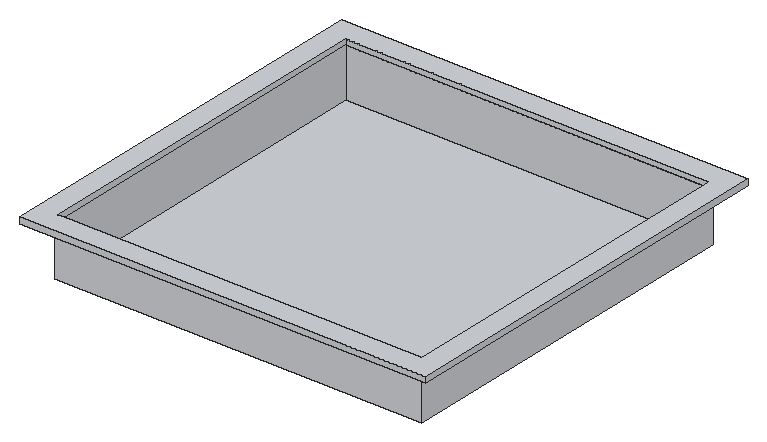
Revit family "Hager-FW-IP30-Without_Door-With_notch-vuoto-CH-it", category Electrical Equipment, host Face, Revit 2020
Family settings
  Host = Face
  Panel Configuration = Two Columns, Circuits Across
  Round Connector Dimension = Use Diameter
  Part Type = Panelboard
  Cut with Voids When Loaded = No
  Shared = No
  Room Calculation Point = No
Parameters (values of type "incassato IP30 L853 A853 P125 0 Unità di divisione - FWU53L")
  Width Control [instance] = if([HG000006 - Ad incasso], if([EF000846 - larghezza di montaggio] > min_whd, [EF000846 - larghezza di montaggio], min_whd), if([EF000008 - Larghezza] > min_whd, ([EF000008 - Larghezza]), min_whd))  # 810 mm
  Void Depth [instance] = if([HG000006 - Ad incasso], Depth Control, 1 mm)  # 112 mm
  Type Comments = [HG000003 - Gamma]  # "FW"
  System Height [instance] = Height Control - 2 * [HG000005 - Spessore]  # 796 mm
  Model = [HG000004 - Codice produttore]  # "FWU53L"
  HG000017 - Distanza tra i poli = 18 mm
  HG000016 - Visibilità delle porte nella vista 3D [instance] = yes
  HG000015 - Visibilità attraverso la porta [instance] = no
  HG000014 - Porta destra [instance] = yes
  HG000013 - Porta sinistra [instance] = not([HG000014 - Porta destra])  # no
  HG000012 - Angolo di apertura della porta [instance] = 45.00°
  HG000011 - File vuote nella parte basse = no
  HG000010 - Porte asimmetriche = no
  HG000009 - Porta doppia a battente = no
  HG000008 - Numero di file vuote = 0
  HG000007 - Numero di colonne vuote = 0
  HG000006 - Ad incasso = yes
  HG000005 - Spessore = 3 mm  # constant formula
  HG000004 - Codice produttore = "FWU53L"
  HG000003 - Gamma = "FW"
  HG000002 - Con porta = no
  HG000001 - Numero di colonne = 0
  EF015941 - Segnale di passaggio porta = no
  EF015777 - Morsettiera neutra = no
  EF015776 - Morsettiera di terra = no
  EF009212 - esecuzione coperchio = "EV009916 - con taglio"
  EF006306 - con serratura = no
  EF006244 - coperchio/porta trasparente = yes
  EF005474 - grado di protezione (IP) = "EV006410 - IP30"
  EF004462 - tipo di chiusura = "EV000154 - altri"
  EF002950 - Numero moduli DIN = 0
  EF001596 - Attacco Lampada = "EV000179 - acciaio"
  EF001134 - barra DIN = yes
  EF001131 - profondità interna = 112 mm
  EF001088 - possibilità di applicazione = yes
  EF001062 - esecuzione EMC = no
  EF000846 - larghezza di montaggio = 810 mm
  EF000339 - tipo di copertura = "EV000494 - senza"
  EF000332 - Altezza della parte incassata = 802 mm
  EF000266 - numero di file = 0
  EF000218 - profondità di incasso = 112 mm
  EF000118 - con piastra di montaggio = no
  EF000116 - numero RAL = ""
  EF000049 - profondità = 125 mm
  EF000040 - Altezza = 853 mm
  EF000008 - Larghezza = 853 mm
  EF000007 - colore = "EV000202 - bianco"
  EF000003 - Tipo di montaggio = "EV000128 - parete forata"
  Arrow Offset [instance] = Depth Control / 8  # 14 mm
  Arrow Height [instance] = Depth Control - Arrow Offset  # 98 mm
  Host Offset [instance] = if([HG000006 - Ad incasso], 0 mm, [EF000049 - profondità])  # 0 mm
  min_whd [instance] = (2 * [HG000005 - Spessore]) + 1 mm  # 7 mm
  Manufacturer = "Hager"  # constant formula
  Height Control [instance] = if([HG000006 - Ad incasso], if([EF000332 - Altezza della parte incassata] > min_whd, [EF000332 - Altezza della parte incassata], min_whd), if([EF000040 - Altezza] > min_whd, ([EF000040 - Altezza]), min_whd))  # 802 mm
  Flush Mounted - Door Frame Width [instance] = if(([EF000040 - Altezza] - [EF000332 - Altezza della parte incassata]) > 0 mm, if([HG000006 - Ad incasso], [EF000040 - Altezza] - [EF000332 - Altezza della parte incassata], 0 mm), 0 mm)  # 51 mm
  Depth Control [instance] = if([HG000006 - Ad incasso], if([EF000218 - profondità di incasso] > 0 mm, [EF000218 - profondità di incasso], 1 mm), if([EF000049 - profondità] > 0 mm, ([EF000049 - profondità]), 1 mm))  # 112 mm
  Default Elevation = 0 mm
Types (16, lengths in mm): name | Width Control | System Height | Model | HG000004 - Codice produttore | EF000846 - larghezza di montaggio | EF000332 - Altezza della parte incassata | EF000040 - Altezza | EF000008 - Larghezza | Height Control
  incassato IP30 L353 A1003 P125 0 Unità di divisione - FWU61L | 310 | 946 | "FWU61L" | "FWU61L" | 310 | 952 | 1003 | 353 | 952
  incassato IP30 L353 A1153 P125 0 Unità di divisione - FWU71L | 310 | 1096 | "FWU71L" | "FWU71L" | 310 | 1102 | 1153 | 353 | 1102
  incassato IP30 L353 A1303 P125 0 Unità di divisione - FWU81L | 310 | 1246 | "FWU81L" | "FWU81L" | 310 | 1252 | 1303 | 353 | 1252
  incassato IP30 L353 A553 P125 0 Unità di divisione - FWU31L | 310 | 496 | "FWU31L" | "FWU31L" | 310 | 502 | 553 | 353 | 502
  incassato IP30 L353 A703 P125 0 Unità di divisione - FWU41L | 310 | 646 | "FWU41L" | "FWU41L" | 310 | 652 | 703 | 353 | 652
  incassato IP30 L353 A853 P125 0 Unità di divisione - FWU51L | 310 | 796 | "FWU51L" | "FWU51L" | 310 | 802 | 853 | 353 | 802
  incassato IP30 L603 A1003 P125 0 Unità di divisione - FWU62L | 560 | 946 | "FWU62L" | "FWU62L" | 560 | 952 | 1003 | 603 | 952
  incassato IP30 L603 A1153 P125 0 Unità di divisione - FWU72L | 560 | 1096 | "FWU72L" | "FWU72L" | 560 | 1102 | 1153 | 603 | 1102
  incassato IP30 L603 A553 P125 0 Unità di divisione - FWU32L | 560 | 496 | "FWU32L" | "FWU32L" | 560 | 502 | 553 | 603 | 502
  incassato IP30 L603 A703 P125 0 Unità di divisione - FWU42L | 560 | 646 | "FWU42L" | "FWU42L" | 560 | 652 | 703 | 603 | 652
  incassato IP30 L603 A853 P125 0 Unità di divisione - FWU52L | 560 | 796 | "FWU52L" | "FWU52L" | 560 | 802 | 853 | 603 | 802
  incassato IP30 L853 A1003 P125 0 Unità di divisione - FWU63L | 810 | 946 | "FWU63L" | "FWU63L" | 810 | 952 | 1003 | 853 | 952
  incassato IP30 L853 A1153 P125 0 Unità di divisione - FWU73L | 810 | 1096 | "FWU73L" | "FWU73L" | 810 | 1102 | 1153 | 853 | 1102
  incassato IP30 L853 A553 P125 0 Unità di divisione - FWU33L | 810 | 496 | "FWU33L" | "FWU33L" | 810 | 502 | 553 | 853 | 502
  incassato IP30 L853 A703 P125 0 Unità di divisione - FWU43L | 810 | 646 | "FWU43L" | "FWU43L" | 810 | 652 | 703 | 853 | 652
  incassato IP30 L853 A853 P125 0 Unità di divisione - FWU53L | 810 | 796 | "FWU53L" | "FWU53L" | 810 | 802 | 853 | 853 | 802
Reference planes
  plane 1 "Center (Front/Back)": y = 0
  plane 2: z = 0
  plane 3 "Center (Left/Right)": x = 0
  plane 4: z = 0
  plane 5: y = 54
  plane 6: z = -5
  plane 7: y = 452
  plane 8: y = 51
  plane 9: y = 853
  plane 10: z = -112
  plane 11: x = -405
  plane 12: x = 405
  plane 13: x = 402
  plane 14: x = -402
  plane 15: y = 850
  plane 16: z = -109
  plane 17: z = -3
  plane 18: z = -112
  plane 19: z = -3
Forms (mm)
  Extrusion 1, solid
    sketch origin (-583.045, 51, 1219.2) x (-1, 0, 0) y (0, 0, 1)
      loop
        line (-178.045, -1219.2) -> (-988.045, -1219.2) -> (-988.045, -1331.2) -> (-178.045, -1331.2) -> (-178.045, -1219.2)
    from 0 to 802 <- "Height Control"
  Extrusion 2, void
    sketch origin (-381.607, -4572, 0) x (0, -1, 0) y (-1, 0, 0)
      loop
        line (-5422, 20.393) -> (-5422, -783.607) -> (-4626, -783.607) -> (-4626, 20.393) -> (-5422, 20.393)
    from 0 to 109
  Extrusion 3, void
    sketch origin (0, 0, 0) x (1, 0, 0) y (0, 1, 0)
      loop
        line (-405, 51) -> (405, 51) -> (405, 853) -> (-405, 853) -> (-405, 51)
    from -112 to 1
  Extrusion 4, solid, detail levels coarse+medium
    sketch origin (-381.607, -4572, 0) x (-1, 0, 0) y (0, -1, 0)
      loop
        line (20.393, -5422) -> (20.393, -4626) -> (-783.607, -4626) -> (-783.607, -5422) -> (20.393, -5422)
    from 0 to -3
Cuts and joins
  Extrusion 2 cuts Extrusion 1
Dimensions and locks
  plane 4 to plane 6 = 5 mm
  "Host Offset": plane 4 to host face
  "Flush Mounted - Door Frame Width": plane 1 "Center (Front/Back)" to plane 8
  "HG000005 - Spessore": plane 5 to plane 8
  locked: connector elem to plane 3 "Center (Left/Right)"
  "Height Control": plane 9 to plane 8
  equal spacing: plane 9, plane 7, plane 8
  locked: connector elem to plane 7
  "Depth Control": plane 4 to plane 10
  "HG000005 - Spessore": plane 11 to plane 14
  "HG000005 - Spessore": plane 12 to plane 13
  equal spacing: plane 11, plane 3 "Center (Left/Right)", plane 12
  "Width Control": plane 11 to plane 12
  "Arrow Offset": nested 4 to plane 10
  "HG000005 - Spessore": plane 9 to plane 15
  "HG000005 - Spessore": plane 16 to plane 10
  "HG000005 - Spessore": plane 4 to plane 17
  "Void Depth": plane 2 to plane 18
  "HG000005 - Spessore": plane 4 to plane 19
  aligned and locked: plane 2 to host face
  aligned and locked: level to host face
  aligned and locked: plane 3 "Center (Left/Right)" to nested 2
  aligned and locked: nested 2 to plane 4
  aligned and locked: nested 2 to plane 8
  aligned and locked: nested 1 to plane 6
  aligned and locked: nested 1 to plane 5
  aligned and locked: nested 4 to plane 11
  aligned and locked: nested 3 to plane 4
  aligned and locked: Extrusion 1 sketch curve to plane 12
  aligned and locked: Extrusion 1 sketch curve to plane 11
  aligned and locked: nested 3 to plane 10
  aligned and locked: plane 10 to Extrusion 1 sketch curve
  aligned and locked: Extrusion 2 sketch curve to plane 5
  aligned and locked: Extrusion 2 sketch curve to plane 15
  aligned and locked: Extrusion 2 sketch curve to plane 14
  aligned and locked: Extrusion 2 sketch curve to plane 13
  aligned and locked: plane 11 to Extrusion 3 sketch curve
  aligned and locked: plane 9 to Extrusion 3 sketch curve
  aligned and locked: Extrusion 3 sketch curve to plane 8
  aligned and locked: plane 12 to Extrusion 3 sketch curve
  aligned and locked: nested 3 to plane 12
  aligned and locked: Extrusion 3 to plane 18
  aligned and locked: Extrusion 2 to plane 16
  aligned and locked: Extrusion 1 sketch curve to plane 4
  aligned and locked: Extrusion 4 to plane 17
  aligned and locked: Extrusion 4 sketch curve to plane 15
  aligned and locked: Extrusion 4 sketch curve to plane 13
  aligned and locked: Extrusion 4 sketch curve to plane 14
  aligned and locked: Extrusion 4 sketch curve to plane 5
Automatic sketch dimensions
  host sketch curve to host sketch curve = 1469.727 mm
  host sketch curve to host sketch curve = 1434.803 mm
Nested families
  nested 1: "Hager_Enclosure_System" at (0, 54, -5) x (1, 0, 0) z (0, 1, 0), Depth <- "HG000005 - Spessore", Height <- "System Height", Width <- "EF000008 - Larghezza", Border <- "HG000005 - Spessore", Flush_Mounted <- "HG000006 - Ad incasso", Built-in_Width <- "EF000846 - larghezza di montaggio", Row_Module_Multiplicator <- "EF002950 - Numero moduli DIN", Total_No_Empty_Rows <- "HG000008 - Numero di file vuote", Total_No_Rows <- "EF000266 - numero di file", Empty_Columns <- "HG000007 - Numero di colonne vuote", Width_Control <- "Width Control", Empty_Rows_From_Bottom <- "HG000011 - File vuote nella parte basse", Distance_Between_Poles <- "HG000017 - Distanza tra i poli", Rows_Count <- "EF000266 - numero di file", Columns_Count <- "HG000001 - Numero di colonne", type "Hager_Enclosure_System", detail levels fine
    with Width_Control 810 mm, Width 853 mm, Total_No_Rows 0, Total_No_Empty_Rows 0, Total_No_Columns 1, System_Width 804 mm, Rows_Count 0, Rows_Column 0, Row_Module_Multiplicator 0, Panel_4 no, Panel_3 no, Panel_2 no, Panel_1 no, No_Panels_Ctrl 1, Hide_Columns yes, Height 796 mm, Flush_Mounted yes, Empty_Rows_From_Bottom no, Empty_Rows_Column 0, Empty_Columns 0, Distance_Between_Poles 18 mm, Depth 3 mm, Columns_Count 0, Column_Width 804 mm, Built-in_Width 810 mm, Border 3 mm
  nested 2: "Hager_Enclosure_Door" at (0, 51, 0) x (1, 0, 0) z (0, 1, 0), Border <- "HG000005 - Spessore", Door_Right <- "HG000014 - Porta destra", Flush_Mounted <- "HG000006 - Ad incasso", Depth <- "EF000049 - profondità", Width <- "EF000008 - Larghezza", Door_Left <- "HG000013 - Porta sinistra", 3d_Door <- "HG000016 - Visibilità delle porte nella vista 3D", BuiltIn_Width <- "EF000846 - larghezza di montaggio", BuiltIn_Height <- "EF000332 - Altezza della parte incassata", BuiltIn_Depth <- "EF000218 - profondità di incasso", Angle <- "HG000012 - Angolo di apertura della porta", Assymetrical <- "HG000010 - Porte asimmetriche", Double <- "HG000009 - Porta doppia a battente", Clearance <- "HG000015 - Visibilità attraverso la porta", Transparent <- "EF006244 - coperchio/porta trasparente", Door <- "HG000002 - Con porta", Height_Ctrl <- "Height Control", Width_Ctrl <- "Width Control", Height <- "EF000040 - Altezza", type "Hager_Enclosure_Door", detail levels medium+fine
    with min_wh 7 mm, Width_Ctrl 810 mm, Width 853 mm, Transparent_Door_No_Bottom_Border no, Transparent yes, Leaf_Width 801 mm, Leaf_Tolerance 1.5 mm, Leaf_Height 793 mm, Leaf_2_Width 801 mm, Leaf_2_Offset 400.5 mm, Leaf_1_Width 801 mm, Leaf_1_Offset 400.5 mm, Height_Ctrl 802 mm, Height 853 mm, Frame_Width_Ctrl 43 mm, Frame_Width 43 mm, Frame_Internal_Offset 3 mm, Frame_Height_Ctrl 51 mm, Frame_Height 51 mm, Frame_Depth_Ctrl 13 mm, Frame_Depth 13 mm, Flush_Mounted yes, Double_Clearance_Ctrl no, Double no, Door_Right_Ctrl no, Door_Right yes, Door_Left_Ctrl no, Door_Left no, Door no, Depth 125 mm, Clearance_Depth 801 mm, Clearance_Ctrl no, Clearance no, BuiltIn_Width 810 mm, BuiltIn_Height 802 mm, BuiltIn_Depth 112 mm, Border 3 mm, Assymetrical no, Angle 45.00°, 3d_Door yes
  nested 3: "Hager_Enclosure_Symbol_Triangle" at (-405, 0, -112) x (1, 0, 0) z (0, -1, 0), Depth <- "Depth Control", Width <- "Width Control", type "Hager_Enclosure_Symbol_Triangle"
    with Width_Ctrl 810 mm, Width 810 mm, Depth_Ctrl 112 mm, Depth 112 mm
  nested 4: "Hager_Enclosure_Symbol_Arrow" at (-405, 0, -98) x (1, 0, 0) z (0, -1, 0), Height <- "Arrow Height", type "Hager_Enclosure_Symbol_Arrow"
    with Width_Inside 7.35 mm, Width 88.2 mm, Height_Ctrl 98 mm, Height 98 mm
Connectors
  electrical at (0, 452, -112)
    settings: on plane 10, index 1, voltage 0 V, apparent load 0 VA, apparent load phase1 0 VA, apparent load phase2 0 VA, apparent load phase3 0 VA, power factor 1, load classification "Other", number of poles 1, system type 30, power factor state 1, is connector primary yes, connector utility no, sub classification motor no, connector description ""
Definition of nested family "Hager_Enclosure_Door"
  Parameters (values of type "Hager_Enclosure_Door")
    min_wh [instance] = (2 * Border) + 1 mm  # 11 mm
    Width_Ctrl [instance] = 400 mm
    Width [instance] = 500 mm
    Transparent_Door_No_Bottom_Border [instance] = no
    Transparent [instance] = yes
    Leaf_Width [instance] = if((Width_Ctrl - 2 * Border - 2 * Leaf_Tolerance) > 0 mm, (Width_Ctrl - 2 * Border - 2 * Leaf_Tolerance), min_wh)  # 387 mm
    Leaf_Tolerance [instance] = 1.5 mm  # constant formula
    Leaf_Height [instance] = if((Height_Ctrl - 2 * Border - 2 * Leaf_Tolerance) > 0 mm, (Height_Ctrl - 2 * Border - 2 * Leaf_Tolerance), min_wh)  # 387 mm
    Leaf_2_Width [instance] = if(and(and(Double, Assymetrical), Door_Left), (Leaf_Width / 3) - (Leaf_Tolerance / 2), if(and(and(Double, Assymetrical), Door_Right), (Leaf_Width / 3) * 2 - (Leaf_Tolerance / 2), if(and(Double, not(Assymetrical)), (Leaf_Width / 2) - Leaf_Tolerance, Leaf_Width)))  # 387 mm
    Leaf_2_Offset [instance] = if(and(Double, Assymetrical), Leaf_2_Width / 2, if(and(Double, not(Assymetrical)), Leaf_Width / 4, Leaf_Width / 2))  # 193.5 mm
    Leaf_1_Width [instance] = if(and(and(Double, Assymetrical), Door_Right), (Leaf_Width / 3) - (Leaf_Tolerance / 2), if(and(and(Double, Assymetrical), Door_Left), (Width / 3) * 2 - (Leaf_Tolerance / 2), if(and(Double, not(Assymetrical)), (Leaf_Width / 2) - Leaf_Tolerance, Leaf_Width)))  # 387 mm
    Leaf_1_Offset [instance] = if(and(Double, Assymetrical), Leaf_1_Width / 2, if(and(Double, not(Assymetrical)), Leaf_Width / 4, Leaf_Width / 2))  # 193.5 mm
    Height_Ctrl [instance] = 400 mm
    Height [instance] = 500 mm
    Frame_Width_Ctrl [instance] = if(Frame_Width > 0 mm, Frame_Width, 1 mm)  # 1 mm
    Frame_Width [instance] = Width - BuiltIn_Width  # 0 mm
    Frame_Internal_Offset [instance] = if(Flush_Mounted, Border, 0 mm)  # 5 mm
    Frame_Height_Ctrl [instance] = if(Frame_Height > 0 mm, Frame_Height, 1 mm)  # 1 mm
    Frame_Height [instance] = Height - BuiltIn_Height  # 0 mm
    Frame_Depth_Ctrl [instance] = if(Frame_Depth > 0 mm, Frame_Depth, 1 mm)  # 1 mm
    Frame_Depth [instance] = if(Depth - BuiltIn_Depth > 0 mm, if(Flush_Mounted, Depth - BuiltIn_Depth, 0 mm), 0 mm)  # 0 mm
    Flush_Mounted [instance] = yes
    Double_Clearance_Ctrl [instance] = and(Double, Clearance)  # no
    Double [instance] = no
    Door_Right_Ctrl [instance] = and(or(Door_Right, Double), Door)  # yes
    Door_Right [instance] = yes
    Door_Left_Ctrl [instance] = and(or(Door_Left, Double), Door)  # no
    Door_Left [instance] = no
    Door [instance] = yes
    Depth [instance] = 500 mm
    Default Elevation = 1219.2 mm
    Clearance_Material = none
    Clearance_Depth [instance] = if(Leaf_1_Width > Leaf_2_Width, Leaf_1_Width, Leaf_2_Width)  # 387 mm
    Clearance_Ctrl [instance] = and(not(Double), Clearance)  # yes
    Clearance [instance] = yes
    BuiltIn_Width [instance] = 500 mm
    BuiltIn_Height [instance] = 500 mm
    BuiltIn_Depth [instance] = 500 mm
    Border [instance] = 5 mm
    Assymetrical [instance] = yes
    Angle [instance] = 30.00°
    3d_Door [instance] = yes
  Reference planes
    plane 1 "Center (Front/Back)": y = 0
    plane 2 "Bottom": z = 0
    plane 3 "Center (Left/Right)": x = 0
    plane 4: z = 400
    plane 5: x = -200
    plane 6: x = 200
    plane 7: z = 395
    plane 8: x = -195
    plane 9: z = 5
    plane 10: x = 195
    plane 11: y = 0
    plane 12: z = 6.5
    plane 13: x = -582
    plane 14: y = -387
    plane 15: x = 582
    plane 16: x = 0
    plane 17: x = 0
    plane 18: x = -193.5
    plane 19: x = 193.5
    plane 20: z = 393.5
  Forms (mm)
    Extrusion 1, solid, visible <- "Flush_Mounted"
      sketch origin (0, 0, 0) x (1, 0, 0) y (0, 0, 1)
        loop
          line (195, 5) -> (195, 395) -> (-195, 395) -> (-195, 5) -> (195, 5)
        loop
          line (-201, 401) -> (-201, -1) -> (201, -1) -> (201, 401) -> (-201, 401)
      from 0 to 1 <- "Frame_Depth_Ctrl"
    Extrusion 2, solid, material <- "Clearance_Material", visible <- "Double_Clearance_Ctrl"
      sketch origin (1200, 0, 0) x (1, 0, 0) y (0, 0, -1)
        loop
          line (-1782, -393.5) -> (-618, -393.5) -> (-618, 0) -> (-1782, 0) -> (-1782, -393.5)
      from 0 to -387
  Dimensions and locks
    equal spacing: plane 5, plane 3 "Center (Left/Right)", plane 6
    "Width_Ctrl": plane 5 to plane 6
    "Border": plane 5 to plane 8
    "Border": plane 6 to plane 10
    "Border": plane 9 to level
    "Border": plane 4 to plane 7
    "Height_Ctrl": plane 4 to level
    "Leaf_Tolerance": plane 12 to plane 9
    "Frame_Depth": plane 11 to plane 1 "Center (Front/Back)"
    "Frame_Width_Ctrl": plane 5 to Extrusion 1 sketch curve
    "Frame_Width_Ctrl": plane 6 to Extrusion 1 sketch curve
    "Frame_Width_Ctrl": Extrusion 1 sketch curve to plane 4
    "Frame_Width_Ctrl": plane 2 "Bottom" to Extrusion 1 sketch curve
    "Leaf_1_Offset": plane 18 to plane 16
    "Leaf_2_Offset": plane 17 to plane 19
    "Leaf_1_Width": plane 13 to plane 8
    "Leaf_2_Width": plane 10 to plane 15
    "Clearance_Depth": plane 14 to plane 1 "Center (Front/Back)"
    "Leaf_Tolerance": plane 8 to plane 18
    "Leaf_Tolerance": plane 19 to plane 10
    "Leaf_Tolerance": plane 7 to plane 20
    "Frame_Internal_Offset": plane 5 to Extrusion 1 sketch curve
    "Frame_Internal_Offset": Extrusion 1 sketch curve to plane 2 "Bottom"
    "Frame_Internal_Offset": plane 6 to Extrusion 1 sketch curve
    "Frame_Internal_Offset": plane 4 to Extrusion 1 sketch curve
    aligned and locked: level to plane 2 "Bottom"
    aligned and locked: nested 1 to plane 16
    aligned and locked: nested 2 to plane 17
    aligned and locked: Extrusion 2 to plane 13
    aligned and locked: plane 15 to Extrusion 2
    aligned and locked: Extrusion 2 to plane 14
    aligned and locked: plane 12 to nested 1
    aligned and locked: nested 2 to plane 12
    aligned and locked: Extrusion 2 to plane 11
    aligned and locked: plane 20 to Extrusion 2
    aligned and locked: nested 2 to plane 11
    aligned and locked: nested 1 to plane 11
  Automatic sketch dimensions
    Extrusion 2 sketch curve to level = 0 mm
    plane 5 to Extrusion 2 sketch curve = 382 mm
    plane 6 to Extrusion 2 sketch curve = 382 mm
    Extrusion 2 sketch curve to plane 4 = 6.5 mm
  Nested families
    nested 1: "Hager_Enclosure_Door_Leaf" at (0, 0, 6.5), Width <- "Leaf_1_Width", visible <- "Door_Left_Ctrl", Leaf_Height <- "Leaf_Height", Angle <- "Angle", Depth <- "Border", 3d_Door <- "3d_Door", Transparent <- "Transparent", Clearance Material <- "Clearance_Material", Clearance <- "Clearance_Ctrl", Transparent_Door_No_Bottom_Border <- "Transparent_Door_No_Bottom_Border", type "Hager_Enclosure_Door_Leaf"
      with Width 387 mm, Transparent_Door_No_Bottom_Border no, Transparent_Door_Border_Bottom_Top 25 mm, Transparent_Door_Border 25 mm, Transparent_Ctrl yes, Transparent yes, Standard no, Leaf_Height 387 mm, Glass_Offset 1 mm, Depth 5 mm, Clearance Material none, Clearance yes, Angle_Ctrl 30.00°, Angle 30.00°, 3d_Door yes
    nested 2: "Hager_Enclosure_Door_Leaf" at (0, 0, 6.5) x (-1, 0, 0) z (0, 0, 1), Width <- "Leaf_2_Width", visible <- "Door_Right_Ctrl", Leaf_Height <- "Leaf_Height", Angle <- "Angle", Depth <- "Border", 3d_Door <- "3d_Door", Transparent <- "Transparent", Clearance Material <- "Clearance_Material", Clearance <- "Clearance_Ctrl", Transparent_Door_No_Bottom_Border <- "Transparent_Door_No_Bottom_Border", type "Hager_Enclosure_Door_Leaf"
      with Width 387 mm, Transparent_Door_No_Bottom_Border no, Transparent_Door_Border_Bottom_Top 25 mm, Transparent_Door_Border 25 mm, Transparent_Ctrl yes, Transparent yes, Standard no, Leaf_Height 387 mm, Glass_Offset 1 mm, Depth 5 mm, Clearance Material none, Clearance yes, Angle_Ctrl 30.00°, Angle 30.00°, 3d_Door yes
  Definition of nested family "Hager_Enclosure_Door_Leaf"
    Parameters (values of type "Hager_Enclosure_Door_Leaf")
      Width [instance] = 2000 mm
      Transparent_Door_No_Bottom_Border [instance] = yes
      Transparent_Door_Border_Bottom_Top [instance] = if(Transparent_Door_No_Bottom_Border, 0.1 mm, Transparent_Door_Border)  # 0.1 mm
      Transparent_Door_Border [instance] = if(Transparent_Door_No_Bottom_Border, (Width * 0.12), 25 mm)  # 240 mm
      Transparent_Ctrl [instance] = and(Transparent, [3d_Door])  # yes
      Transparent [instance] = yes
      Standard [instance] = and(not(Transparent), [3d_Door])  # no
      Leaf_Height [instance] = 2720.336 mm
      Glass_Offset [instance] = if((Depth - 10 mm) / 2 > 0 mm, (Depth - 10 mm) / 2, 1 mm)  # 15 mm
      Glass_Material = none
      Depth [instance] = 40 mm
      Default Elevation = 0 mm
      Clearance Material [instance] = none
      Clearance [instance] = yes
      Angle_Ctrl [instance] = if(Angle > 170.00°, 170.00°, Angle)  # 45.00°
      Angle [instance] = 45.00°
      3d_Door [instance] = yes
    Reference planes
      plane 1 "Center (Front/Back)": y = 0
      plane 2: z = 0
      plane 3 "Center (Left/Right)": x = 0
      plane 4: y = 2000
      plane 5: x = -1000
      plane 6: x = 1000
      plane 7: x = -3000
      plane 8: z = 2720.336
      plane 9: z = 0.1
      plane 10: z = 2720.236
      plane 11: x = 760
      plane 12: x = -760
    Forms (mm)
      Extrusion 1, solid, material <- "Clearance Material", visible <- "Clearance"
        sketch origin (0, 0, 0) x (1, 0, 0) y (0, 0, 1)
          loop
            line (-3000, 2720.336) -> (-3000, 0) -> (1000, 0) -> (1000, 2720.336) -> (-3000, 2720.336)
        from 0 to -2000
      Extrusion 2, solid, visible <- "Standard", detail levels medium+fine
        sketch origin (-1000, 0, 0) x (0.707107, 0.707107, 0) y (-0.707107, 0.707107, 0)
          loop
            line (0, -40) -> (2000, -40) -> (2000, 0) -> (0, 0) -> (0, -40)
        from 0 to 2720.336 <- "Leaf_Height"
      Extrusion 3, solid, visible <- "Transparent_Ctrl", detail levels medium+fine
        sketch origin (-1000, 0, 0) x (0.707107, 0.707107, 0) y (-0.707107, 0.707107, 0)
          loop
            line (0, -40) -> (2000, -40) -> (2000, 0) -> (0, 0) -> (0, -40)
        from 0 to 2720.336 <- "Leaf_Height"
      Extrusion 4, void, detail levels medium+fine
        sketch origin (-1000, 0, 0) x (-0.707107, 0.707107, 0) y (0.707107, 0.707107, 0)
          loop
            line (0, 240) -> (0, 1760) -> (-40, 1760) -> (-40, 240) -> (0, 240)
        from -2720.236 to -0.1
      Extrusion 5, solid, material <- "Glass_Material", visible <- "Transparent_Ctrl", detail levels medium+fine
        sketch origin (-1000, 0, 0) x (0.707107, 0.707107, 0) y (-0.707107, 0.707107, 0)
          loop
            line (240, -15) -> (240, -25) -> (1760, -25) -> (1760, -15) -> (240, -15)
        from 0.1 to 2720.236
    Cuts and joins
      Extrusion 4 cuts Extrusion 3
    Lines and regions (mm)
      symbolic lines
        curve 1: line (1000, 0, 0) -> (-3000, 0, 0)
        curve 2: arc (1000, 0, 0) -> (-1000, 2000, 0) -> (-3000, 0, 0) r 2000
        curve 4: line (-1000, 0, 0) -> (414.214, 1414.214, 0)
      reference lines
        curve 3: line (-1000, 0, 0) -> (414.214, 1414.214, 0)
      symbolic lines, detail levels medium+fine
        curve 5: line (414.214, 1414.214, 0) -> (442.498, 1385.929, 0)
        curve 6: line (442.498, 1385.929, 0) -> (-971.716, -28.284, 0)
        curve 7: line (-971.716, -28.284, 0) -> (-1000, 0, 0)
        curve 8: line (-1000, 0, 2720.336) -> (1000, 0, 2720.336)
        curve 9: line (-1000, 0, 0) -> (-1000, 0, 2720.336)
        curve 10: line (1000, 0, 0) -> (-1000, 0, 0)
        curve 11: line (1000, 0, 2720.336) -> (1000, 0, 0)
      symbolic lines, visible <- "Transparent_Ctrl", detail levels medium+fine
        curve 12: line (-760, 0, 2720.236) -> (760, 0, 2720.236)
        curve 13: line (-760, 0, 0.1) -> (-760, 0, 2720.236)
        curve 14: line (760, 0, 0.1) -> (-760, 0, 0.1)
        curve 15: line (760, 0, 2720.236) -> (760, 0, 0.1)
    Dimensions and locks
      "Width": plane 1 "Center (Front/Back)" to plane 4
      equal spacing: plane 5, plane 3 "Center (Left/Right)", plane 6
      "Width": plane 5 to plane 6
      "Width": plane 7 to plane 5
      "Leaf_Height": plane 8 to level
      "Depth": curve 6 to curve 3
      "Width": curve 5 to curve 3
      "Width": curve 3 to curve 3
      "Transparent_Door_Border": Extrusion 4 sketch curve to curve 7
      "Transparent_Door_Border": Extrusion 4 sketch curve to curve 5
      "Transparent_Door_Border_Bottom_Top": plane 8 to plane 10
      "Transparent_Door_Border_Bottom_Top": plane 9 to level
      "Glass_Offset": Extrusion 5 sketch curve to curve 4
      "Glass_Offset": Extrusion 5 sketch curve to curve 6
      "Transparent_Door_Border": Extrusion 5 sketch curve to curve 5
      "Transparent_Door_Border": Extrusion 5 sketch curve to curve 7
      "Transparent_Door_Border": plane 12 to plane 5
      "Transparent_Door_Border": plane 6 to plane 11
      "Angle_Ctrl": angle plane 1 "Center (Front/Back)" to curve 3
      aligned and locked: level to plane 2
      aligned and locked: Extrusion 1 to curve 1
      aligned and locked: plane 6 to Extrusion 1
      aligned and locked: Extrusion 1 to plane 1 "Center (Front/Back)"
      aligned and locked: plane 4 to Extrusion 1
      aligned and locked: plane 8 to Extrusion 1
      aligned and locked: curve 4 to curve 3
      aligned and locked: Extrusion 2 sketch curve to curve 7
      aligned and locked: Extrusion 2 sketch curve to curve 6
      aligned and locked: Extrusion 2 sketch curve to curve 5
      aligned and locked: Extrusion 2 sketch curve to curve 3
      aligned and locked: curve 7 to Extrusion 3 sketch curve
      aligned and locked: Extrusion 3 sketch curve to curve 4
      aligned and locked: Extrusion 3 sketch curve to curve 6
      aligned and locked: Extrusion 3 sketch curve to curve 5
      aligned and locked: curve 4 to Extrusion 4 sketch curve
      aligned and locked: curve 6 to Extrusion 4 sketch curve
      aligned and locked: Extrusion 4 to plane 9
      aligned and locked: Extrusion 4 to plane 10
      aligned and locked: Extrusion 5 to plane 9
      aligned and locked: Extrusion 5 to plane 10
      aligned and locked: curve 8 to plane 8
      aligned and locked: plane 5 to curve 9
      aligned and locked: plane 2 to curve 10
      aligned and locked: curve 11 to plane 6
      aligned and locked: plane 10 to curve 12
      aligned and locked: plane 12 to curve 13
      aligned and locked: curve 14 to plane 9
      aligned and locked: plane 11 to curve 15
    Automatic sketch dimensions
      plane 1 "Center (Front/Back)" to curve 2 = 0 mm
      curve 2 to plane 5 = 0 mm
      Extrusion 1 sketch curve to level = 0 mm
      Extrusion 1 sketch curve to plane 7 = 0 mm
      Extrusion 1 sketch curve to plane 6 = 0 mm
      Extrusion 1 sketch curve to plane 8 = 0 mm
      plane 1 "Center (Front/Back)" to curve 3 = 0 mm
      curve 3 to plane 5 = 0 mm
      curve 7 to curve 3 = 0 mm
Definition of nested family "Hager_Enclosure_Symbol_Triangle"
  Parameters (values of type "Hager_Enclosure_Symbol_Triangle")
    Width_Ctrl [instance] = if(Width > 1 mm, Width, 1 mm)  # 498 mm
    Width [instance] = 498 mm
    Depth_Ctrl [instance] = if(Depth > 1 mm, Depth, 1 mm)  # 72 mm
    Depth [instance] = 72 mm
  Reference planes
    plane 1 "Centre (avant/arrière)": y = 0
    plane 2: z = 0
    plane 3 "Centre (gauche/droite)": x = 0
  Lines and regions (mm)
    Filled region 1, type "Solid_Black", in view "Niveau de réf."
      outline origin (0, 0, 0) x (1, 0, 0) y (0, 1, 0)
        loop
          line (0, 0) -> (498, 0) -> (498, 72) -> (0, 0)
    reference lines, in view "Niveau de réf."
      curve 1: line (-206.153, 72, 0) -> (1083.258, 72, 0)
      curve 2: line (498, 405.456, 0) -> (498, -517.619, 0)
  Dimensions and locks
    "Depth_Ctrl": plane 1 "Centre (avant/arrière)" to curve 1
    "Width_Ctrl": plane 3 "Centre (gauche/droite)" to curve 2
    aligned and locked: curve 1 to Filled region 1 sketch curve
    aligned and locked: Filled region 1 sketch curve to plane 1 "Centre (avant/arrière)"
    aligned and locked: curve 2 to Filled region 1 sketch curve
    aligned and locked: plane 3 "Centre (gauche/droite)" to Filled region 1 sketch curve
    aligned and locked: plane 1 "Centre (avant/arrière)" to Filled region 1 sketch curve
  Automatic sketch dimensions
    curve 1 to plane 3 "Centre (gauche/droite)" = 206.153 mm
    curve 2 to curve 1 = 585.258 mm
    plane 1 "Centre (avant/arrière)" to curve 2 = 517.619 mm
    curve 2 to plane 1 "Centre (avant/arrière)" = 405.456 mm
Definition of nested family "Hager_Enclosure_Symbol_Arrow"
  Parameters (values of type "Hager_Enclosure_Symbol_Arrow")
    Width_Inside [instance] = if(Width / 12 > 2 mm, Width / 12, 2 mm)  # 4.987 mm
    Width [instance] = if(Height_Ctrl * 0.9 > 2 mm, Height_Ctrl * 0.9, 2 mm)  # 59.85 mm
    Height_Ctrl [instance] = if(Height > 2 mm, Height, 2 mm)  # 66.5 mm
    Height [instance] = 66.5 mm
  Reference planes
    plane 1 "Centre (avant/arrière)": y = 0
    plane 2: z = 0
    plane 3 "Centre (gauche/droite)": x = 0
    plane 4: x = 59.85
    plane 5: y = 28.263
    plane 6: y = 38.238
    plane 7: y = 66.5
    plane 8: x = 29.925
    plane 9: y = 33.25
  Lines and regions (mm)
    Filled region 1, type "Solid_Black", in view "Niveau de réf."
      outline origin (0, 0, 0) x (1, 0, 0) y (0, 1, 0)
        loop
          line (59.85, 66.5) -> (37.929, 52.827) -> (51.846, 41.935) -> (59.85, 66.5)
    detail lines, in view "Niveau de réf."
      curve 1: line (0, 0, 0) -> (29.925, 38.238, 0)
      curve 2: line (29.925, 38.238, 0) -> (29.925, 28.263, 0)
      curve 3: line (29.925, 28.263, 0) -> (59.85, 66.5, 0)
  Dimensions and locks
    "Width": plane 3 "Centre (gauche/droite)" to plane 4
    "Height_Ctrl": plane 7 to plane 1 "Centre (avant/arrière)"
    equal spacing: plane 3 "Centre (gauche/droite)", plane 8, plane 4
    equal spacing: plane 7, plane 9, plane 1 "Centre (avant/arrière)"
    equal spacing: plane 6, plane 9, plane 5
    "Width_Inside": plane 6 to plane 9
    equal spacing: curve 3, Filled region 1 sketch curve, Filled region 1 sketch curve
    angle Filled region 1 sketch curve to curve 3 = 20.00°
    angle curve 3 to Filled region 1 sketch curve = 20.00°
    locked: curve 3 to Filled region 1 sketch curve (angle 90.00°)
  Automatic sketch dimensions
    plane 1 "Centre (avant/arrière)" to curve 1 = 0 mm
    curve 1 to plane 3 "Centre (gauche/droite)" = 0 mm
    curve 2 to plane 6 = 0 mm
    curve 3 to plane 8 = 0 mm
    curve 3 to plane 4 = 0 mm
    curve 2 to plane 5 = 0 mm
    curve 3 to plane 7 = 0 mm
    Filled region 1 sketch curve to plane 4 = 0 mm
    Filled region 1 sketch curve to plane 7 = 0 mm
